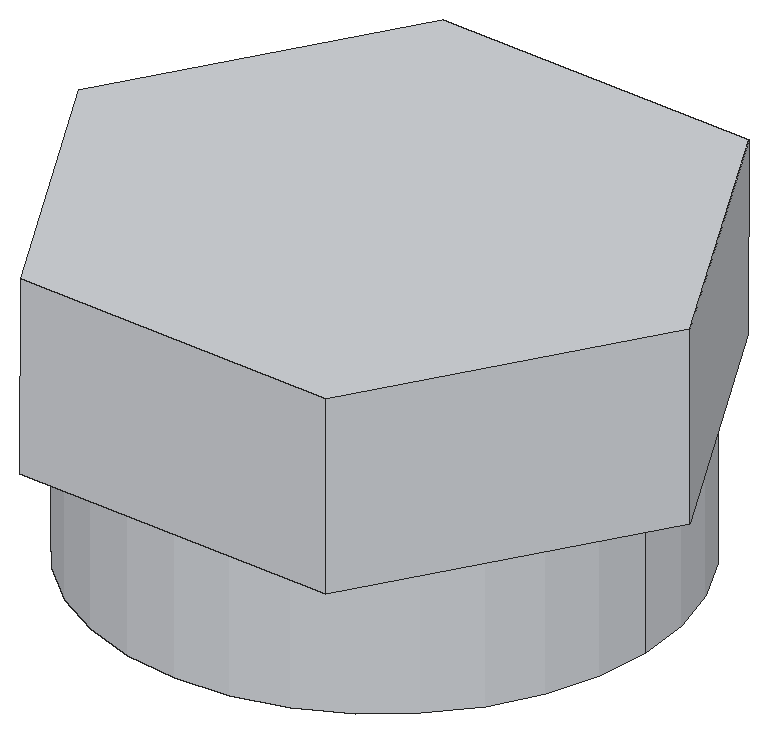
Revit family "Buzzer", category Electrical Fixtures, host Face, Revit 2025
Family settings
  Host = Face
  Round Connector Dimension = Use Diameter
  Part Type = Junction Box
  Cut with Voids When Loaded = No
  Maintain Annotation Orientation = Yes
  Shared = No
  Room Calculation Point = No
Parameters (values of type "Wall Mounted")
  Wall Mounted = not(Face Mounted)  # yes
  Symbol Distance [instance] = 0"
  Rotate Symbol [instance] = no
  Label = "B"
  Diameter = 3"
  Face Mounted = no
  Depth = 1"
  Default Elevation = 48"
Types (2): name | Wall Mounted | Rotate Symbol | Label | Face Mounted | Depth
  Face Mounted | no | yes | "" | yes | 1 1/2"
  Wall Mounted | yes | no | "B" | no | 1"
Reference planes (in)
  plane 1 "Center (Front/Back)": y = 0
  plane 2: z = 0
  plane 3 "Center (Left/Right)": x = 0
  plane 4: z = 1
  plane 5: z = -0.75
Forms (in)
  Extrusion 1, solid, detail levels medium+fine
    sketch origin (0, 0, -0.5) x (-1, 0, 0) y (0, -1, 0)
      loop
        line (-1.625, 0) -> (-0.75, -1.51554) -> (1, -1.51554) -> (1.875, 0) -> (1, 1.51554) -> (-0.75, 1.51554) -> (-1.625, 0)
    from 0.5 to 1.5
  Extrusion 2, solid
    sketch origin (0, 0, 0) x (1, 0, 0) y (0, 1, 0)
      loop
        circle (-0.125, 0) r 1.5
    from 0 to -0.75
Dimensions and locks (in)
  "Depth": plane 4 to plane 2
  plane 2 to plane 5 = 3/4"
  "Diameter": diameter of Extrusion 2 sketch curve
  aligned and locked: plane 2 to host face
  aligned and locked: level to host face
  aligned and locked: plane 4 to Extrusion 1
  aligned and locked: Extrusion 2 to plane 5
Automatic sketch dimensions
  host sketch curve to host sketch curve = 96"  (x2)
  plane 1 "Center (Front/Back)" to Extrusion 2 sketch curve = 0"
  Extrusion 2 sketch curve to plane 3 "Center (Left/Right)" = 1/8"
Nested families (in)
  nested 1: "Face Mounted" at (0, 0, 0), visible <- "Face Mounted", type "Standard"
  nested 2: "Wall Mounted" at (0, 0, 0), visible <- "Wall Mounted", type "Standard"
Connectors (in)
  electrical at (-0.125, 0, 1)
    settings: on Extrusion 1, index 1, voltage 0 V, apparent load 0 VA, apparent load phase1 0 VA, apparent load phase2 0 VA, apparent load phase3 0 VA, power factor 1, load classification "Other", number of poles 1, system type 31, power factor state 1, is connector primary yes, connector utility no, sub classification motor no, connector description ""
Definition of nested family "Face Mounted"
  Parameters (values of type "Standard")
    Rotate = no
    Not Rotate = not(Rotate)  # yes
    Label = "B"
  Reference planes (in)
    plane 1: y = 0
    plane 2: x = 0
  Lines and regions (in)
    detail lines
      curve 1: line (0.125, 0, 0) -> (0.0625, 0.10825, 0)
      curve 2: line (0.0625, 0.10825, 0) -> (-0.0625, 0.10825, 0)
      curve 3: line (-0.0625, 0.10825, 0) -> (-0.125, 0, 0)
      curve 4: line (-0.125, 0, 0) -> (-0.0625, -0.10825, 0)
      curve 5: line (-0.0625, -0.10825, 0) -> (0.0625, -0.10825, 0)
      curve 6: line (0.0625, -0.10825, 0) -> (0.125, 0, 0)
  Text (in)
    label "X" at (0.00016, -0.00386, 0), shows "Label", visible <- "Not Rotate"
    label "X" at (0.00797, -0.00191, 0), shows "Label", visible <- "Rotate"
Definition of nested family "Wall Mounted"
  Parameters (values of type "Standard")
    Symbol Distance = 0"
    Rotate = no
    Not Rotate = not(Rotate)  # yes
    Label = "B"
  Reference planes (in)
    plane 1: y = 0
    plane 2: x = 0
  Lines and regions (in)
    reference lines
      curve 1: line (-0.1189, 0, 0) -> (0.1311, 0, 0)
    reference lines, not visible
      curve 2: line (-0.1189, 0, 0) -> (0.1311, 0, 0)
    detail lines
      curve 3: line (0.125, 0.125, 0) -> (0.0625, 0.23325, 0)
      curve 4: line (0.0625, 0.23325, 0) -> (-0.0625, 0.23325, 0)
      curve 5: line (-0.0625, 0.23325, 0) -> (-0.125, 0.125, 0)
      curve 6: line (-0.125, 0.125, 0) -> (-0.0625, 0.01675, 0)
      curve 7: line (-0.0625, 0.01675, 0) -> (0.0625, 0.01675, 0)
      curve 8: line (0.0625, 0.01675, 0) -> (0.125, 0.125, 0)
    detail lines, not visible
      curve 9: line (0.125, 0.125, 0) -> (0.0625, 0.23325, 0)
      curve 10: line (0.0625, 0.23325, 0) -> (-0.0625, 0.23325, 0)
      curve 11: line (-0.0625, 0.23325, 0) -> (-0.125, 0.125, 0)
      curve 12: line (-0.125, 0.125, 0) -> (-0.0625, 0.01675, 0)
      curve 13: line (-0.0625, 0.01675, 0) -> (0.0625, 0.01675, 0)
      curve 14: line (0.0625, 0.01675, 0) -> (0.125, 0.125, 0)
  Text (in)
    label "X" at (-0.00017, 0.1225, 0), shows "Label", visible <- "Not Rotate"
    label "X" at (0.00764, 0.1225, 0), shows "Label", visible <- "Rotate"
    label "X" at (-0.00017, 0.1225, 0), shows "Label", visible <- "Not Rotate", not visible
    label "X" at (0.00764, 0.1225, 0), shows "Label", visible <- "Rotate", not visible
  Dimensions and locks (in)
    "Symbol Distance": plane 1 to curve 1
  Automatic sketch dimensions
    curve 5 to curve 6 = 1/16"
    curve 7 to curve 3 = 0.10825"
    curve 5 to curve 4 = 1/16"
    curve 6 to curve 8 = 1/8"
    curve 4 to curve 3 = 1/8"
    curve 7 to curve 3 = 1/16"
    curve 6 to curve 5 = 0.10825"
    curve 3 to curve 4 = 0.10825"
    curve 11 to curve 12 = 1/16"
    curve 13 to curve 9 = 0.10825"
    curve 11 to curve 10 = 1/16"
    curve 12 to curve 14 = 1/8"
    curve 10 to curve 9 = 1/8"
    curve 13 to curve 9 = 1/16"
    curve 12 to curve 11 = 0.10825"
    curve 9 to curve 10 = 0.10825"
